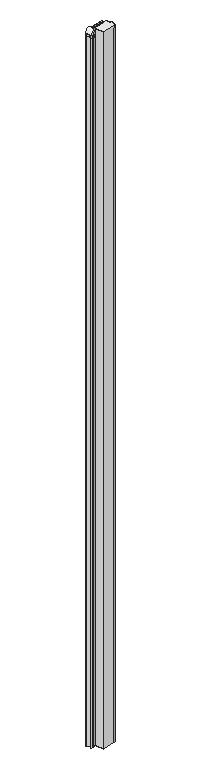
Revit family "KingswayGroup_DrStps_Anti-LigatureSwingStopAnti-BarricadeDoorStop", category Specialty Equipment, Revit 2020
Family settings
  Round Connector Dimension = Use Diameter
  Part Type = Normal
  Work Plane-Based = No
  Always vertical = No
  Cut with Voids When Loaded = No
  Shared = No
  Room Calculation Point = No
Parameters
  TimberMaterial = NBS_Concept
  WarrantyStartDate [instance] = "1900-12-31T23:59:59"
  WarrantyGuarantorParts = "sales@kingswaygroup.co.uk"
  WarrantyGuarantorLabor = "n/a"
  WarrantyDurationUnit = "year"
  WarrantyDurationParts = "5"
  WarrantyDurationLabor = "n/a"
  WarrantyDescription = "5-Year Guarantee *For faulty manufacture and not for damage"
  Version = "1"
  Uniclass2015Version = "Products v1.36"
  Uniclass2015Title = "Door stops"
  Uniclass2015Code = "Pr_30_36_33_24"
  URL = "https://kingswaygroupglobal.com/"
  TagNumber [instance] = "n/a"
  SustainabilityPerformance = "n/a"
  Size = "67 x 2108 x 47 mm"
  Shape = "n/a"
  SerialNumber [instance] = "n/a"
  Revision = "n/a"
  ReplacementCost = "n/a"
  ProductInformation = "https://kingswaygroupglobal.com/product/anti-ligature-swingstop-anti-barricade-door-stop-2-point-lock-hardwood?noredirect=true"
  NominalWidth = 47 mm  # constant formula
  NominalLength = 67 mm  # constant formula
  NominalHeight = 2108 mm  # constant formula
  Name = "DoorStops_Anti-LigatureSwingStopAnti-BarricadeDoorStop_KG205_KingswayGroup"
  ModelReference = "Anti-Ligature SwingStop Anti-Barricade Door Stop, 2 Point Lock, Hardwood"
  ModelNumber = "KG205"
  PlateMaterial = NBS_Concept
  Model = ModelNumber  # "KG205"
  Material = "Ash, Beech, Oak"
  ManufacturerURL = "https://kingswaygroupglobal.com/"
  ManufacturerName = "Kingsway Group"  # constant formula
  Manufacturer = ManufacturerName  # "Kingsway Group"
  InstallationDate [instance] = "1900-12-31T23:59:59"
  IfcExportType = "USERDEFINED"  # constant formula
  IfcExportAs = "IfcDiscreteAccessoryType"  # constant formula
  Grade = "n/a"
  Finish = "For full range of available finishes and colours, contact Kingsway Group"
  Features = "The KG205 SwingStop provides single-action use to double-action doors when locked by preventing the door leaf from opening outwards"
  ExpectedLife = "n/a"
  DurationUnit = "year"
  Description = "SwingStop 2 Lock, Hardwood Stop"
  Default Elevation = 0 mm
  Constituents = "n/a"
  Color = "For full range of available finishes and colours, contact Kingsway Group"
  CodePerformance = "n/a"
  Category = "Pr_30_36_33_24:Door stops"
  CapMaterial = NBS_Concept
  BarCode [instance] = "n/a"
  BIMObjectName = "KingswayGroup_DoorStops_Anti-LigatureSwingStopAnti-BarricadeDoorStop"
  Author = "Kingsway Group"  # constant formula
  AssetType = "Fixed"
  AssetIdentifier [instance] = "n/a"
  AccessibilityPerformance = "n/a"
Reference planes
  plane 1 "Center (Front/Back)": y = 0
  plane 2: z = 0
  plane 3 "Center (Left/Right)": x = 0
  plane 4: x = -21.949
  plane 5: x = 19.051
  plane 6: x = -13.949
  plane 7: y = 27.321
  plane 8: y = -22.679
  plane 9: y = -39.679
  plane 10: y = -23.897
  plane 11: z = 2108
  plane 12: z = 2093
  plane 13: z = 2088
Forms (mm)
  Extrusion 1, solid, material "NBS_Concept" <- "TimberMaterial"
    sketch origin (0, 0, 0) x (1, 0, 0) y (0, 1, 0)
      loop
        arc (-12.144, 27.321) -> (-13.421, 26.792) -> (-13.949, 25.516) r 1.805
        line (-13.949, 25.516) -> (-13.949, -22.679) -> (19.051, -22.679) -> (19.051, 18.228)
        arc (19.051, 18.228) -> (14.894, 24.053) -> (8.529, 27.321) r 15.155
        line (8.529, 27.321) -> (2.989, 27.321) -> (2.989, 24.59) -> (-1.21, 24.59) -> (-1.21, 27.321) -> (-12.144, 27.321)
    from 0 to 2108
  Extrusion 2, solid, material "NBS_Concept" <- "PlateMaterial"
    sketch origin (0, 0, 0) x (1, 0, 0) y (0, 1, 0)
      loop
        line (-13.949, 17.083) -> (-16.949, 17.083) -> (-16.949, -22.679) -> (-17.949, -23.679) -> (-18.949, -22.679) -> (-18.949, 17.083) -> (-21.949, 17.083) -> (-21.949, -22.679) -> (-24.949, -22.679) -> (-24.949, -23.897) -> (-17.949, -23.897) -> (-10.911, -23.897) -> (-10.911, -22.679) -> (-13.949, -22.679) -> (-13.949, 17.083)
    from 0 to 2108
  Extrusion 3, solid, material "NBS_Concept" <- "CapMaterial"
    sketch origin (0, 0, 0) x (1, 0, 0) y (0, 1, 0)
      loop
        line (-17.949, -23.897) -> (-24.008, -23.897) -> (-28.13, -30.758) -> (-27.111, -37.818)
        arc (-27.111, -37.818) -> (-26.565, -39.134) -> (-25.249, -39.679) r 1.862
        line (-25.249, -39.679) -> (-10.65, -39.679)
        arc (-10.65, -39.679) -> (-9.333, -39.134) -> (-8.788, -37.818) r 1.862
        line (-8.788, -37.818) -> (-7.768, -30.758) -> (-11.891, -23.897) -> (-17.949, -23.897)
    from 2088 to 2108
  Extrusion 4, void
    sketch origin (0, 0, 0) x (0, 1, 0) y (0, 0, 1)
      loop
        arc (-39.679, 2093) -> (-33.956, 2102.78) -> (-23.897, 2108) r 20.409
        line (-23.897, 2108) -> (-39.679, 2108) -> (-39.679, 2093)
    from -48.867 to 52.572
  Extrusion 5, solid, material "NBS_Concept" <- "PlateMaterial"
    sketch origin (0, 0, -73.435) x (1, 0, 0) y (0, 1, 0)
      loop
        line (-17.949, -23.897) -> (-24.008, -23.897) -> (-28.13, -30.758) -> (-27.111, -37.818)
        arc (-27.111, -37.818) -> (-26.565, -39.134) -> (-25.249, -39.679) r 1.862
        line (-25.249, -39.679) -> (-10.65, -39.679)
        arc (-10.65, -39.679) -> (-9.333, -39.134) -> (-8.788, -37.818) r 1.862
        line (-8.788, -37.818) -> (-7.768, -30.758) -> (-11.891, -23.897) -> (-17.949, -23.897)
    from 73.435 to 2161.435
Cuts and joins
  Extrusion 4 cuts Extrusion 3
Dimensions and locks
  plane 4 to plane 5 = 41 mm
  plane 6 to plane 5 = 33 mm
  plane 7 to plane 8 = 50 mm
  plane 8 to plane 9 = 17 mm
  plane 11 to level = 2108 mm
  locked: plane 11 to plane 13 at 20
  aligned and locked: level to plane 2
  aligned and locked: plane 11 to Extrusion 2
  aligned and locked: Extrusion 3 to Extrusion 2
  aligned and locked: Extrusion 1 to Extrusion 2
  aligned and locked: Extrusion 3 to plane 13
  aligned and locked: plane 13 to Extrusion 5
  aligned and locked: Extrusion 5 to level
